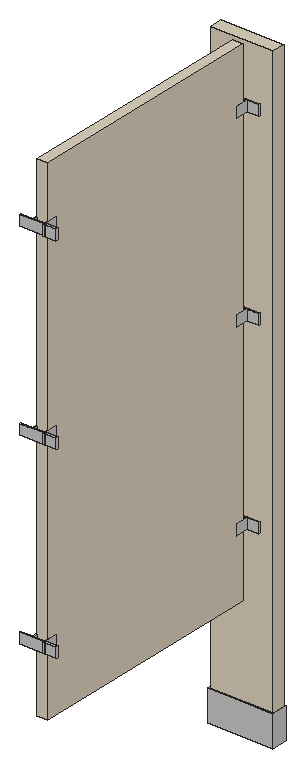
Revit family
Parameters (values of type "As Specified in 10 21 00")
  Warranty Duration (Years) = 0
  URL = "http://www.generalpartitions.com/\r\n"
  Type Comments = "Urinal Screen"
  Stile Width = 0' - 6"
  Stile Thickness = 0' - 1 1/4"
  Stall Width = 3' - 0"
  Stall Depth [instance] = 2' - 0"
  Panel Thickness = 0' - 1"
  Panel Height [instance] = 4' - 0"
  End Panel_Right Side [instance] = yes
  Specification = "http://www.arcat.com/sd/clients/genparti.html?coid=32730\r\n"
  Send Message = "http://admin.arcat.com/users.pl?action=UserEmail&company=General%20Partitions%20Mfg.%20Corp.&coid=32730&rep=148&fax=814-838-3473&mf=\r\n"
  Sales Information = "http://www.generalpartitions.com/contact-us.php\r\n"
  Revision = "R1_10/2009"
  Reveal Clearance = 0' - 0 1/2"
  Product Properties = "http://www.arcat.com/bim/bim_info.pl?fn=Privacy-Screen_GeneralPartition_FloorBraced\r\n\r\n"
  Product Data = "http://www.arcat.com/arcatcos/cos32/arc32730.html\r\n"
  Panel Material [instance] = Phenolic Core - Color as Specified
  Model = "As Specified in 10 21 00"
  Manufacturer's Notes = ""
  Manufacturer Website = "http://www.generalpartitions.com/\r\n"
  Manufacturer Phone = "814-833-1154\r\n"
  Manufacturer Fax = "814-838-3473\r\n"
  Manufacturer Address = "1702 Peninsula Dr.; P. O. Box 8370; Erie; PA 16505\r\n"
  Manufacturer = "General Partitions Mfg. Corp.\r\n"
  Maintenance Schedule (Months) = 0
  Keynote = "10 21 00"
  Installation Phase = ""
  End Panel_Left Side [instance] = no
  Hardware Finish [instance] = Stainless Steel - Type 304 #4 Brushed Finish
  Expected Lifespan (Years) = 0
  Drawn By = "Robert S. Weygant, CSI, CDT, SCIP"  # constant formula
  Distance from Floor to Panel [instance] = 1' - 0"
  Copyright = "2009, ARCAT, Inc."  # constant formula
  Description = "As Specified in 10 21 00"
  Construction Details = "http://www.generalpartitions.com/information/drawings-installation-details.php\r\n"
  Building Codes = "http://www.generalpartitions.com/information/ada-compliance.php\r\n"
  Brackets_Vertical = 3
  Assembly Code = "C1010400"
Reference planes (in)
  plane 1: y = 26.56271
  plane 2: x = 8.69467
  plane 3 "Back": y = 32.56271
  plane 4 "Right": x = 7.69467
  plane 5 "Bottom of panel": z = 12
  plane 6 "Top of panel": z = 60
  plane 7 "Bottom Bracket": z = 18
  plane 8 "Top Bracket": z = 54
  plane 9 "Top Hinge": z = 56.75
  plane 10: y = 56.56271
  plane 11: y = 33.06271
  plane 12: z = 0
  plane 13: y = 57.06271
  plane 14: x = 8.19467
Forms (in)
  Extrusion 1, solid, material "Phenolic Core - Color as Specified" <- "Panel Material", visible <- "End Panel_Right Side"
    sketch origin (0, 0, 0) x (1, 0, 0) y (0, 1, 0)
      loop
        line (7.69467, 33.06271) -> (8.69467, 33.06271) -> (8.69467, 56.56271) -> (7.69467, 56.56271) -> (7.69467, 33.06271)
    from 12 to 60
  Extrusion 2, solid, material "Phenolic Core - Color as Specified" <- "Panel Material", detail levels fine
    sketch origin (1.21269, 0, 0) x (1, 0, 0) y (0, 1, 0)
      loop
        line (3.98199, 57.06271) -> (9.98199, 57.06271) -> (9.98199, 58.31271) -> (3.98199, 58.31271) -> (3.98199, 57.06271)
    from 0 to 60
  Extrusion 3, solid, material "Stainless Steel - Type 304 #4 Brushed Finish" <- "Hardware Finish", detail levels fine
    sketch origin (0, 0, 0) x (1, 0, 0) y (0, 1, 0)
      loop
        line (5.06967, 58.43771) -> (5.06967, 56.93771) -> (11.31967, 56.93771) -> (11.31967, 58.43771) -> (5.06967, 58.43771)
    from 0 to 2.9996
Lines and regions (in)
  symbolic lines
    curve 1: line (8.69467, 32.56271, 0) -> (7.69467, 32.56271, 0)
Text (in)
  text "Placement Side" at (0, 40.15149, 123.01588), in view "Right"
  text "Placement Side" at (-71.13158, 43.3951, 0), in view "Floor Line"
  text "Placement Side" at (0, 65.23256, 117.93067), in view "Left"
Dimensions and locks (in)
  "Panel Height": plane 5 "Bottom of panel" to plane 6 "Top of panel"
  "Distance from Floor to Panel": host wall to plane 5 "Bottom of panel"
  "Panel Thickness": plane 4 "Right" to plane 2
  locked: plane 8 "Top Bracket" to plane 9 "Top Hinge" at 2.75
  locked: plane 8 "Top Bracket" to plane 6 "Top of panel" at 6
  locked: plane 5 "Bottom of panel" to plane 7 "Bottom Bracket" at 6
  "Reveal Clearance": plane 11 to plane 3 "Back"
  equal spacing: group 1, group 5, group 2  (x3)
  "Stall Depth": plane 10 to plane 3 "Back"
  "Reveal Clearance": plane 13 to plane 10
  equal spacing: group 3, group 6, group 4  (x3)
  "Stile Width": Extrusion 2 sketch curve to Extrusion 2 sketch curve
  "Stile Thickness": Extrusion 2 sketch curve to Extrusion 2 sketch curve
  equal spacing: plane 4 "Right", plane 14, plane 2
  equal spacing: Extrusion 2 sketch curve, plane 14, Extrusion 2 sketch curve
  locked: Extrusion 3 sketch curve to Extrusion 2 at 0.125  (x3)
  locked: Extrusion 2 to Extrusion 3 sketch curve at 0.125
  locked: Extrusion 3 to Extrusion 3 at 2.9996
  aligned and locked: Extrusion 1 to plane 6 "Top of panel"
  aligned and locked: plane 5 "Bottom of panel" to Extrusion 1
  aligned and locked: plane 10 to Extrusion 1 sketch curve
  aligned and locked: Extrusion 1 sketch curve to plane 11
  aligned and locked: nested 1 to plane 2  (x3)
  aligned and locked: plane 3 "Back" to nested 1
  aligned and locked: plane 7 "Bottom Bracket" to nested 1
  aligned and locked: nested 1 to plane 3 "Back"  (x4)
  aligned and locked: plane 4 "Right" to nested 1  (x2)
  aligned and locked: plane 8 "Top Bracket" to nested 2
  aligned and locked: nested 2 to plane 2
  aligned and locked: plane 12 to level
  aligned and locked: host wall to plane 3 "Back"
  aligned and locked: nested 3 to plane 13
  aligned and locked: plane 4 "Right" to nested 3  (x3)
  aligned and locked: plane 7 "Bottom Bracket" to nested 3
  aligned and locked: plane 8 "Top Bracket" to nested 4
  aligned and locked: nested 4 to plane 13
  aligned and locked: plane 4 "Right" to nested 4
  aligned and locked: Extrusion 2 sketch curve to plane 13
  aligned and locked: Extrusion 2 to plane 6 "Top of panel"
  aligned and locked: plane 12 to Extrusion 2
  aligned and locked: plane 12 to Extrusion 3
  aligned and locked: plane 3 "Back" to nested 2
Automatic sketch dimensions
  curve 1 to host wall = 0' - 0"
  curve 1 to plane 4 "Right" = 0' - 0"
  curve 1 to plane 2 = 0' - 0"
  Extrusion 1 sketch curve to plane 4 "Right" = 0' - 0"
  Extrusion 1 sketch curve to plane 2 = 0' - 0"
Nested families (in)
  nested 1: "Mounting Bracket" at (8.69467, 32.56271, 18) x (-1, 0, 0) z (0, 0, 1), visible <- "End Panel_Right Side", type "Common Mount"
  nested 2: "Mounting Bracket" at (8.69467, 32.56271, 54) x (-1, 0, 0) z (0, 0, 1), visible <- "End Panel_Right Side", type "Common Mount"
  nested 3: "Mounting Bracket" at (7.69467, 57.06271, 18), type "Common Mount"
  nested 4: "Mounting Bracket" at (7.69467, 57.06271, 54), type "Common Mount"
  nested 5: "Mounting Bracket" at (8.69467, 32.56271, 36) x (-1, 0, 0) z (0, 0, 1), visible <- "End Panel_Right Side", type "Common Mount"
  nested 6: "Mounting Bracket" at (7.69467, 57.06271, 36), type "Common Mount"
Definition of nested family "Mounting Bracket"
  Parameters (values of type "Common Mount")
    panel thickness = 0' - 0 1/2"
    hdwr matl = none
    Surfmnt = yes
    Hdwr Height = 0' - 1"
    Assembly Code = ""
  Types (2): name | panel thickness | Surfmnt
    Common Mount | 0' - 0 1/2" | yes
    End Mount | 0' - 1" | no
  Reference planes (in)
    plane 1 "Center (Front/Back)": y = 0
    plane 2 "bottom": z = 0
    plane 3 "Center (Left/Right)": x = 0
    plane 4: y = -1.37133
    plane 5 "top": z = 1
    plane 6: y = -0.12324
  Forms (in)
    Extrusion 1, solid, material <- "hdwr matl"
      sketch origin (0, 0, 0) x (1, 0, 0) y (0, 1, 0)
        loop
          line (0, -1.37133) -> (0, -0.125) -> (0.5, -0.125) -> (0.5, -1.37133) -> (0.625, -1.37133) -> (0.625, -0.12324) -> (2.25, -0.12324) -> (2.25, 0) -> (-0.125, 0) -> (-0.125, -1.37133) -> (0, -1.37133)
      from 0 to 1
    Extrusion 2, solid, material <- "hdwr matl", visible <- "Surfmnt"
      sketch origin (0, 0, 0) x (1, 0, 0) y (0, 1, 0)
        loop
          line (0, 0) -> (-1.25, 0) -> (-1.25, -0.125) -> (0, -0.125) -> (0, 0)
      from 0 to 1
  Dimensions and locks (in)
    "panel thickness": Extrusion 1 sketch curve to Extrusion 1 sketch curve
    locked: Extrusion 1 sketch curve to Extrusion 1 sketch curve at 0.125  (x2)
    locked: plane 4 to plane 1 "Center (Front/Back)" at 1.37133
    locked: Extrusion 1 sketch curve to Extrusion 1 sketch curve at 2.375
    locked: Extrusion 2 sketch curve to Extrusion 2 sketch curve at 0.125
    locked: Extrusion 2 sketch curve to Extrusion 2 sketch curve at 1.25
    "Hdwr Height": plane 5 "top" to plane 2 "bottom"
    locked: plane 6 to plane 1 "Center (Front/Back)" at 0.12324
    "panel thickness": Extrusion 1 to Extrusion 1
    aligned and locked: plane 3 "Center (Left/Right)" to Extrusion 1 sketch curve
    aligned and locked: Extrusion 1 sketch curve to plane 1 "Center (Front/Back)"
    aligned and locked: Extrusion 1 sketch curve to plane 4  (x2)
    aligned and locked: Extrusion 2 sketch curve to plane 1 "Center (Front/Back)"
    aligned and locked: plane 3 "Center (Left/Right)" to Extrusion 2 sketch curve
    aligned and locked: plane 5 "top" to Extrusion 1
    aligned and locked: plane 5 "top" to Extrusion 2
    aligned and locked: Extrusion 1 to plane 2 "bottom"
    aligned and locked: Extrusion 2 to plane 2 "bottom"
  Automatic sketch dimensions
    plane 1 "Center (Front/Back)" to Extrusion 1 sketch curve = 0' - 0.12324"
    plane 1 "Center (Front/Back)" to Extrusion 1 sketch curve = 0' - 0 1/8"
